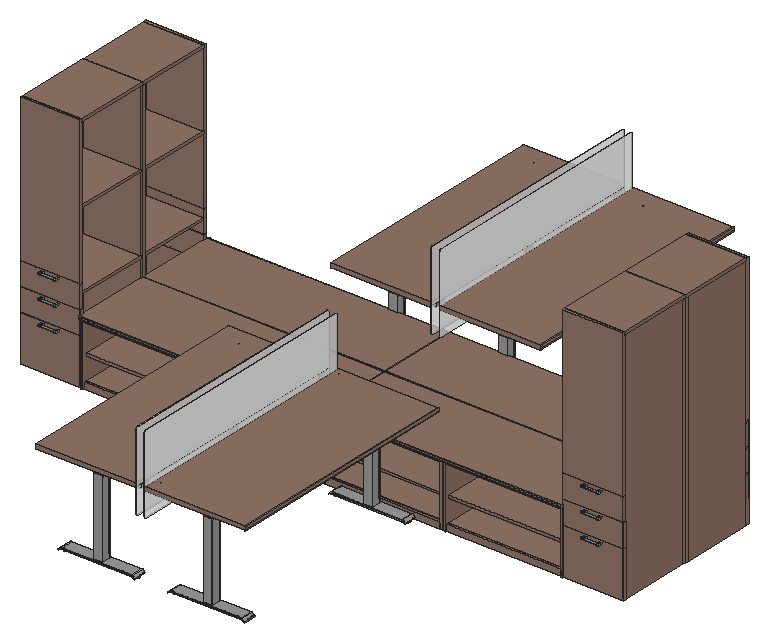
Revit family "JSI-Vision-Typical_Veneer-VST015-", category Furniture, Revit 2020 (continued)
Definition of nested family "JSI-Vision-Adjustable_Table_Standard_Range"
  Definition of nested family "Adj Base"
    Dimensions and locks (in)
      Extrusion 11 sketch curve to Extrusion 11 sketch curve to Extrusion 11 sketch curve to Extrusion 11 sketch curve to Extrusion 11 sketch curve to Extrusion 11 sketch curve to Extrusion 11 sketch curve to Extrusion 11 sketch curve = 3/32" locked, 0.59852" locked, 0.09508" locked, 3.83863" locked, 0.09508" locked, 0.59852" locked, 3/32" locked
      Extrusion 11 to Extrusion 3 to plane 5 = 5.86615" locked, 17.88976" locked
      Extrusion 2 to Extrusion 3 to plane 3 "Center (Left/Right)" = 5.86615" locked, 17.88976" locked
      Revolve 12 sketch curve to Revolve 12 sketch curve to Revolve 12 sketch curve to plane 7 = 0.1964" locked, 0.63019" locked, 0.15765" locked
      Revolve 13 sketch curve to Revolve 13 sketch curve to Revolve 13 sketch curve = 0.1964" locked, 0.63019" locked
      Revolve 13 to plane 1 "Center (Front/Back)" to Revolve 12 = 10.27547" locked, 10.27559" locked
      Revolve 14 sketch curve to Revolve 14 sketch curve to Revolve 14 sketch curve to plane 8 = 0.1964" locked, 0.63019" locked, 0.15765" locked
      Revolve 15 sketch curve to Revolve 15 sketch curve to Revolve 15 sketch curve = 0.1964" locked, 0.63019" locked
      Revolve 15 to Revolve 14 = 20.55106"
      Revolve 14 to plane 1 "Center (Front/Back)" to Revolve 15 = 10.27559" locked, 10.27547" locked
      locked: Extrusion 16 sketch curve to Extrusion 16 sketch curve at 0.62992
      Extrusion 16 sketch curve to plane 1 "Center (Front/Back)" to Extrusion 16 sketch curve = 11.14173" locked, 11.14173" locked
      "W Top": plane 3 "Center (Left/Right)" to plane 5
      locked: plane 3 "Center (Left/Right)" to plane 7 at 6.09647
      locked: plane 8 to plane 5 at 6.09647
      aligned and locked: plane 2 to level
      aligned and locked: Extrusion 7 to Extrusion 4
      aligned and locked: Extrusion 8 to Extrusion 1
      aligned and locked: Extrusion 3 sketch curve to Extrusion 3 sketch curve  (x2)
      aligned and locked: Extrusion 9 sketch curve to plane 6  (x2)
      aligned and locked: Extrusion 9 sketch curve to Extrusion 9 sketch curve  (x2)
      aligned and locked: Extrusion 2 to cut or joined group of Extrusion 9, Extrusion 10
      aligned and locked: Extrusion 10 sketch curve to Extrusion 10 sketch curve
      aligned and locked: Extrusion 11 to cut or joined group of Extrusion 9, Extrusion 10
      aligned and locked: plane 7 to Revolve 12 sketch curve
      aligned and locked: plane 8 to Revolve 14 sketch curve
      aligned and locked: curve 1 to Extrusion 4
      aligned and locked: curve 2 to Extrusion 4
      aligned and locked: curve 3 to Extrusion 4
      aligned and locked: curve 4 to Extrusion 4
      aligned and locked: curve 5 to Extrusion 6
      aligned and locked: Extrusion 6 to curve 6
      aligned and locked: curve 7 to Extrusion 6
      aligned and locked: curve 8 to Extrusion 6
      aligned and locked: curve 9 to cut or joined group of Extrusion 9, Extrusion 10
      aligned and locked: curve 10 to cut or joined group of Extrusion 9, Extrusion 10
      aligned and locked: cut or joined group of Extrusion 9, Extrusion 10 to curve 11
      aligned and locked: curve 12 to cut or joined group of Extrusion 9, Extrusion 10
      aligned and locked: curve 13 to cut or joined group of Extrusion 9, Extrusion 10
      aligned and locked: curve 14 to cut or joined group of Extrusion 9, Extrusion 10
      aligned and locked: curve 15 to cut or joined group of Extrusion 9, Extrusion 10
      aligned and locked: curve 16 to cut or joined group of Extrusion 9, Extrusion 10
      aligned and locked: Extrusion 2 to curve 31
      aligned and locked: Extrusion 2 to curve 32
      aligned and locked: Extrusion 11 to curve 31
      aligned and locked: Extrusion 11 to curve 32
      aligned and locked: Extrusion 2 to curve 33
      aligned and locked: Extrusion 2 to curve 34
      aligned and locked: Extrusion 11 to curve 33
      aligned and locked: Extrusion 11 to curve 34
    Automatic sketch dimensions
      Extrusion 3 sketch curve to Extrusion 3 sketch curve = 0.1181"  (x3)
      level to Extrusion 4 sketch curve = 1.1022"  (x2)
      Extrusion 4 sketch curve to Extrusion 4 sketch curve = 0.1607"  (x2)
      level to Extrusion 4 sketch curve = 0.99371"
      Extrusion 4 sketch curve to Extrusion 4 sketch curve = 0.07561"
      Extrusion 4 sketch curve to Extrusion 4 sketch curve = 0.08017"
      level to Extrusion 4 sketch curve = 0.99365"
      Extrusion 4 sketch curve to Extrusion 4 sketch curve = 0.09554"
      Extrusion 4 sketch curve to Extrusion 4 sketch curve = 0.01252"
      level to Extrusion 6 sketch curve = 0.4268"
      plane 1 "Center (Front/Back)" to Extrusion 6 sketch curve = 11.48879"
      level to Extrusion 6 sketch curve = 1.1022"  (x2)
      Extrusion 6 sketch curve to Extrusion 6 sketch curve = 0.1607"  (x2)
      level to Extrusion 6 sketch curve = 0.99371"
      Extrusion 6 sketch curve to Extrusion 6 sketch curve = 0.08017"
      level to Extrusion 6 sketch curve = 0.99365"
      Extrusion 6 sketch curve to Extrusion 6 sketch curve = 0.08035"
      level to Extrusion 16 sketch curve = 0.89789"
      level to Extrusion 16 sketch curve = 0.99365"
      Extrusion 16 sketch curve to Extrusion 16 sketch curve = 0.08035"
      Extrusion 16 sketch curve to Extrusion 16 sketch curve = 0.62321"
      Extrusion 16 sketch curve to Extrusion 16 sketch curve = 0.54294"
      Extrusion 16 sketch curve to Extrusion 16 sketch curve = 0.08017"
      Extrusion 16 sketch curve to Extrusion 16 sketch curve = 0.14516"  (x2)
      Extrusion 16 sketch curve to Extrusion 16 sketch curve = 0.12472"
      Extrusion 1 sketch curve to Extrusion 1 sketch curve = 0.5621"
      Extrusion 2 sketch curve to Extrusion 2 sketch curve = 0.0984"  (x4)
      Extrusion 2 sketch curve to plane 6 = 1.49606"  (x2)
      Extrusion 2 sketch curve to plane 6 = 0.21319"  (x2)
      level to Extrusion 5 sketch curve = 0.99371"
      Extrusion 5 sketch curve to Extrusion 5 sketch curve = 0.54294"
      Extrusion 5 sketch curve to Extrusion 5 sketch curve = 0.08017"
      Extrusion 5 sketch curve to Extrusion 5 sketch curve = 0.62321"
      level to Extrusion 5 sketch curve = 0.99365"
      Extrusion 5 sketch curve to Extrusion 5 sketch curve = 0.08035"
      Extrusion 5 sketch curve to Extrusion 5 sketch curve = 0.14516"  (x2)
      plane 7 to Extrusion 7 sketch curve = 1.25986"
      Extrusion 7 sketch curve to Extrusion 7 sketch curve = 0.09843"  (x4)
      Extrusion 7 sketch curve to plane 7 = 1.25982"
      plane 8 to Extrusion 7 sketch curve = 1.35825"
      Extrusion 7 sketch curve to plane 8 = 1.25986"
      plane 7 to Extrusion 8 sketch curve = 1.07285"
      Extrusion 8 sketch curve to Extrusion 8 sketch curve = 0.09843"  (x3)
      Extrusion 8 sketch curve to plane 7 = 1.07282"
      plane 8 to Extrusion 8 sketch curve = 1.17124"
      Extrusion 8 sketch curve to plane 8 = 1.14171"
      Extrusion 8 sketch curve to Extrusion 8 sketch curve = 0.07412"
      plane 1 "Center (Front/Back)" to Extrusion 8 sketch curve = 1.17126"
      Extrusion 8 sketch curve to plane 1 "Center (Front/Back)" = 1.02828"
      Extrusion 9 sketch curve to Extrusion 9 sketch curve = 0.00029"  (x2)
      Extrusion 10 sketch curve to plane 6 = 0.86607"  (x2)
      Extrusion 10 sketch curve to Extrusion 10 sketch curve = 0.09543"
      Extrusion 10 sketch curve to plane 6 = 2.12599"  (x2)
      Extrusion 10 sketch curve to Extrusion 10 sketch curve = 0.2863"
      plane 1 "Center (Front/Back)" to Extrusion 11 sketch curve = 2.70667"
      Extrusion 11 sketch curve to Extrusion 11 sketch curve = 3/32"
      Extrusion 11 sketch curve to Extrusion 11 sketch curve = 0.0984"  (x2)
      Extrusion 11 sketch curve to Extrusion 11 sketch curve = 0.09389"
      Extrusion 11 sketch curve to plane 6 = 0.11811"  (x2)
      Extrusion 11 sketch curve to Extrusion 11 sketch curve = 1.18447"
      Extrusion 11 sketch curve to Extrusion 11 sketch curve = 1.1858"
      plane 7 to Revolve 12 sketch curve = 0"
      Revolve 12 sketch curve to level = 0"
      level to Revolve 12 sketch curve = 0.19657"
      Revolve 12 sketch curve to Revolve 12 sketch curve = 0.1964"
      Revolve 12 sketch curve to Revolve 12 sketch curve = 0.55192"
      Revolve 12 sketch curve to Revolve 12 sketch curve = 0.16385"
      Revolve 12 sketch curve to Revolve 12 sketch curve = 0.05111"
      plane 7 to Revolve 13 sketch curve = 0"  (x2)
      plane 7 to Revolve 13 sketch curve = 0.15765"
      Revolve 13 sketch curve to level = 0"
      level to Revolve 13 sketch curve = 0.19657"
      Revolve 13 sketch curve to Revolve 13 sketch curve = 0.1964"
      Revolve 13 sketch curve to Revolve 13 sketch curve = 0.55192"
      Revolve 13 sketch curve to Revolve 13 sketch curve = 0.16385"
      Revolve 13 sketch curve to Revolve 13 sketch curve = 0.05111"
      Revolve 14 sketch curve to level = 0"
      plane 8 to Revolve 14 sketch curve = 0"
      level to Revolve 14 sketch curve = 0.19657"
      Revolve 14 sketch curve to Revolve 14 sketch curve = 0.1964"
      Revolve 14 sketch curve to Revolve 14 sketch curve = 0.55192"
      Revolve 14 sketch curve to Revolve 14 sketch curve = 0.16385"
      Revolve 14 sketch curve to Revolve 14 sketch curve = 0.05111"
      Revolve 15 sketch curve to level = 0"
      plane 8 to Revolve 15 sketch curve = 0"  (x2)
      plane 8 to Revolve 15 sketch curve = 0.15765"
      level to Revolve 15 sketch curve = 0.19657"
      Revolve 15 sketch curve to Revolve 15 sketch curve = 0.1964"
      Revolve 15 sketch curve to Revolve 15 sketch curve = 0.55192"
      Revolve 15 sketch curve to Revolve 15 sketch curve = 0.16385"
      Revolve 15 sketch curve to Revolve 15 sketch curve = 0.05111"
      plane 7 to curve 3 = 1.81102"
      plane 1 "Center (Front/Back)" to curve 28 = 1.91932"
      plane 1 "Center (Front/Back)" to curve 20 = 1.91932"
      curve 30 to plane 8 = 1.91634"
      curve 28 to curve 26 = 0.78735"
      curve 22 to curve 20 = 0.78735"
      curve 18 to plane 1 "Center (Front/Back)" = 1.91932"
      curve 23 to plane 1 "Center (Front/Back)" = 1.91932"
      curve 23 to curve 23 = 0.78735"
      curve 18 to curve 17 = 0.78735"
      curve 24 to curve 25 = 0"
      plane 1 "Center (Front/Back)" to curve 34 = 2.6279"
      plane 1 "Center (Front/Back)" to curve 33 = 2.03689"
      curve 22 to curve 20 = 0.78554"
      curve 23 to curve 32 = 0.1185"
      curve 31 to curve 17 = 0.07868"
      curve 6 to curve 13 = 0"
      curve 9 to curve 4 = 0"
Definition of nested family "JSI-Vision-Lok_Frosted_Acrylic_Privacy_Screen"
  Parameters (values of type "LK-PSP-7224A, Lok Frosted Acrylic Privacy Screen - 72w x 23 3/4h")
    Width = 72"
    URL = "www.jsifurniture.com"
    Type Comments = ""
    Series = "Vision Casegoods"  # constant formula
    Model = "LK-PSP-7224A"
    Material = ""
    Manufacturer = "JSI"  # constant formula
    Keynote = "12500"
    JSI Enviromental Website = "http://www.jsifurniture.com/jsi_sustainability_intro.php"
    Height = 23 3/4"
    Description = "Lok Frosted Acrylic Privacy Screen - 72w x 23 3/4h"
    Depth = 1/4"
    Acrylic Finish = none
    Default Elevation = 0"
    Bracket Finish = none
    Assembly Code = "E2020200"
  Types (3): name | Width | Model | Description
    LK-PSP-4824A, Lok Frosted Acrylic Privacy Screen - 48w x 23 3/4h | 48" | "LK-PSP-4824A" | "Lok Frosted Acrylic Privacy Screen - 48w x 23 3/4h"
    LK-PSP-6024A, Lok Frosted Acrylic Privacy Screen - 60w x 23 3/4h | 60" | "LK-PSP-6024A" | "Lok Frosted Acrylic Privacy Screen - 60w x 23 3/4h"
    LK-PSP-7224A, Lok Frosted Acrylic Privacy Screen - 72w x 23 3/4h | 72" | "LK-PSP-7224A" | "Lok Frosted Acrylic Privacy Screen - 72w x 23 3/4h"
  Reference planes (in)
    plane 1 "Center Front/Back": y = 0
    plane 2: z = 0
    plane 3 "Center Left/Right": x = 0
    plane 4: z = 0
    plane 5: z = 30
    plane 6: x = 72
    plane 7: y = 0.25
    plane 8: x = 1.4375
    plane 9: x = 4.1875
    plane 10: x = 36
    plane 11: x = 70.5625
    plane 12: x = 67.8125
    plane 13: x = 34.62504
    plane 14: x = 37.37496
    plane 15: z = 21.63
    plane 16: z = 45.38
    plane 17: y = 0.6437
  Forms (in)
    Extrusion 1, solid, material <- "Acrylic Finish"
      sketch origin (0, 0, 0) x (1, 0, 0) y (0, 0, 1)
        loop
          arc (0.75, 45.38) -> (0.21967, 45.16033) -> (0, 44.63) r 0.75
          line (0, 44.63) -> (0, 22.38)
          arc (0, 22.38) -> (0.21967, 21.84967) -> (0.75, 21.63) r 0.75
          line (0.75, 21.63) -> (71.25, 21.63)
          arc (71.25, 21.63) -> (71.78033, 21.84967) -> (72, 22.38) r 0.75
          line (72, 22.38) -> (72, 44.63)
          arc (72, 44.63) -> (71.78033, 45.16033) -> (71.25, 45.38) r 0.75
          line (71.25, 45.38) -> (0.75, 45.38)
      from -0.25 to 0
    Extrusion 2, solid, material <- "Bracket Finish"
      sketch origin (0, 0, 0) x (0, 1, 0) y (0, 0, 1)
        loop
          line (-1.5, 30.13) -> (-1.5, 30) -> (-0.13, 30) -> (-0.13, 28.63) -> (0, 28.63) -> (0, 30.13) -> (-1.5, 30.13)
      from 1.4375 to 4.1875
    Extrusion 3, solid, material <- "Bracket Finish"
      sketch origin (12.75, 0, 0) x (0, 1, 0) y (0, 0, 1)
        loop
          line (-1.5, 30.13) -> (-1.5, 30) -> (-0.13, 30) -> (-0.13, 28.63) -> (0, 28.63) -> (0, 30.13) -> (-1.5, 30.13)
      from 21.87504 to 24.62496
    Extrusion 4, solid, material <- "Bracket Finish"
      sketch origin (44, 0, 0) x (0, 1, 0) y (0, 0, 1)
        loop
          line (-1.5, 30.13) -> (-1.5, 30) -> (-0.13, 30) -> (-0.13, 28.63) -> (0, 28.63) -> (0, 30.13) -> (-1.5, 30.13)
      from 23.8125 to 26.5625
    Extrusion 5, solid, material <- "Bracket Finish"
      sketch origin (0, 6, 0) x (1, 0, 0) y (0, 0, 1)
        loop
          arc (1.5, 29.76683) -> (1.45581, 29.74852) -> (1.4375, 29.70433) r 0.0625
          line (1.4375, 29.70433) -> (1.4375, 28.8057)
          arc (1.4375, 28.8057) -> (1.45581, 28.76151) -> (1.5, 28.7432) r 0.0625
          line (1.5, 28.7432) -> (4.125, 28.7432)
          arc (4.125, 28.7432) -> (4.16919, 28.76151) -> (4.1875, 28.8057) r 0.0625
          line (4.1875, 28.8057) -> (4.1875, 29.70433)
          arc (4.1875, 29.70433) -> (4.16919, 29.74852) -> (4.125, 29.76683) r 0.0625
          line (4.125, 29.76683) -> (1.5, 29.76683)
        loop
          arc (34.68746, 29.76683) -> (34.64327, 29.74852) -> (34.62496, 29.70433) r 0.0625
          line (34.62496, 29.70433) -> (34.62496, 28.8057)
          arc (34.62496, 28.8057) -> (34.64327, 28.76151) -> (34.68746, 28.7432) r 0.0625
          line (34.68746, 28.7432) -> (37.31246, 28.7432)
          arc (37.31246, 28.7432) -> (37.35666, 28.76151) -> (37.37496, 28.8057) r 0.0625
          line (37.37496, 28.8057) -> (37.37496, 29.70433)
          arc (37.37496, 29.70433) -> (37.35666, 29.74852) -> (37.31246, 29.76683) r 0.0625
          line (37.31246, 29.76683) -> (34.68746, 29.76683)
        loop
          arc (67.875, 29.76683) -> (67.83081, 29.74852) -> (67.8125, 29.70433) r 0.0625
          line (67.8125, 29.70433) -> (67.8125, 28.8057)
          arc (67.8125, 28.8057) -> (67.83081, 28.76151) -> (67.875, 28.7432) r 0.0625
          line (67.875, 28.7432) -> (70.5, 28.7432)
          arc (70.5, 28.7432) -> (70.54419, 28.76151) -> (70.5625, 28.8057) r 0.0625
          line (70.5625, 28.8057) -> (70.5625, 29.70433)
          arc (70.5625, 29.70433) -> (70.54419, 29.74852) -> (70.5, 29.76683) r 0.0625
          line (70.5, 29.76683) -> (67.875, 29.76683)
      from 5.3563 to 5.75
  Lines and regions (in)
    symbolic lines
      curve 1: line (0, 0.25, 0) -> (72, 0.25, 0)
      curve 2: line (0, 0, 0) -> (0, 0.25, 0)
      curve 3: line (72, 0, 0) -> (0, 0, 0)
      curve 4: line (72, 0.25, 0) -> (72, 0, 0)
      curve 5: line (1.4375, 0.6437, 0) -> (4.1875, 0.6437, 0)
      curve 6: line (1.4375, 0.6437, 0) -> (1.4375, 0.25, 0)
      curve 7: line (4.1875, 0.6437, 0) -> (4.1875, 0.25, 0)
      curve 8: line (34.62504, 0.6437, 0) -> (37.37496, 0.6437, 0)
      curve 9: line (34.62504, 0.6437, 0) -> (34.62504, 0.25, 0)
      curve 10: line (37.37496, 0.6437, 0) -> (37.37496, 0.25, 0)
      curve 11: line (67.8125, 0.6437, 0) -> (70.5625, 0.6437, 0)
      curve 12: line (67.8125, 0.6437, 0) -> (67.8125, 0.25, 0)
      curve 13: line (70.5625, 0.6437, 0) -> (70.5625, 0.25, 0)
    symbolic lines, detail levels medium+fine
      curve 14: line (1.4375, -1.5, 0) -> (4.1875, -1.5, 0)
      curve 15: line (1.4375, 0, 0) -> (1.4375, -1.5, 0)
      curve 16: line (4.1875, -1.5, 0) -> (4.1875, 0, 0)
      curve 17: line (34.62504, -1.5, 0) -> (37.37496, -1.5, 0)
      curve 18: line (34.62504, 0, 0) -> (34.62504, -1.5, 0)
      curve 19: line (37.37496, -1.5, 0) -> (37.37496, 0, 0)
      curve 20: line (67.8125, -1.5, 0) -> (70.5625, -1.5, 0)
      curve 21: line (67.8125, 0, 0) -> (67.8125, -1.5, 0)
      curve 22: line (70.5625, -1.5, 0) -> (70.5625, 0, 0)
  Dimensions and locks (in)
    plane 5 to plane 4 = 30"
    locked: plane 7 to plane 1 "Center Front/Back" at 0.25
    "Width": plane 3 "Center Left/Right" to plane 6
    equal spacing: plane 3 "Center Left/Right", plane 10, plane 6
    plane 3 "Center Left/Right" to plane 8 to plane 9 = 1 7/16" locked, 2 3/4" locked
    plane 12 to plane 11 to plane 6 = 2 3/4" locked, 1 7/16" locked
    plane 13 to plane 10 to plane 14 = 1.37496" locked, 1.37496" locked
    locked: plane 5 to plane 15 at 8.37
    locked: plane 16 to plane 5 at 15.38
    locked: Extrusion 1 sketch curve to plane 3 "Center Left/Right" at 0.75  (x2)
    locked: plane 16 to Extrusion 1 sketch curve at 0.75  (x2)
    locked: Extrusion 1 sketch curve to plane 6 at 0.75  (x2)
    locked: Extrusion 1 sketch curve to plane 15 at 0.75  (x2)
    Extrusion 5 sketch curve to Extrusion 5 sketch curve to Extrusion 5 sketch curve to Extrusion 5 sketch curve to plane 8 = 0" locked, 2 5/8" locked, 0" locked, 1/16" locked
    plane 13 to Extrusion 5 sketch curve to Extrusion 5 sketch curve = 0.06242" locked, 0" locked
    plane 14 to Extrusion 5 sketch curve to Extrusion 5 sketch curve = 1/16" locked, 0" locked
    Extrusion 5 sketch curve to Extrusion 5 sketch curve to plane 12 = 0" locked, 1/16" locked
    plane 11 to Extrusion 5 sketch curve to Extrusion 5 sketch curve = 1/16" locked, 0" locked
    locked: plane 17 to plane 7 at 0.3937
    aligned and locked: level to plane 2
    aligned and locked: plane 3 "Center Left/Right" to Extrusion 1 sketch curve
    aligned and locked: plane 6 to Extrusion 1 sketch curve
    aligned and locked: Extrusion 1 sketch curve to plane 16
    aligned and locked: plane 15 to Extrusion 1 sketch curve
    aligned and locked: plane 7 to Extrusion 1
    aligned and locked: plane 1 "Center Front/Back" to Extrusion 1
    aligned and locked: Extrusion 2 to plane 9
    aligned and locked: plane 8 to Extrusion 2
    aligned and locked: plane 14 to Extrusion 3
    aligned and locked: plane 13 to Extrusion 3
    aligned and locked: plane 11 to Extrusion 4
    aligned and locked: Extrusion 4 to plane 12
    aligned and locked: Extrusion 5 sketch curve to plane 8
    aligned and locked: plane 9 to Extrusion 5 sketch curve
    aligned and locked: Extrusion 5 to plane 7
    aligned and locked: plane 17 to Extrusion 5
    aligned and locked: plane 3 "Center Left/Right" to curve 2
    aligned and locked: curve 3 to plane 1 "Center Front/Back"
    aligned and locked: curve 1 to plane 7
    aligned and locked: plane 6 to curve 4
    aligned and locked: plane 8 to curve 5
    aligned and locked: plane 9 to curve 5
    aligned and locked: curve 5 to plane 17
    aligned and locked: plane 7 to curve 6
    aligned and locked: plane 17 to curve 7
    aligned and locked: plane 13 to curve 8
    aligned and locked: curve 8 to plane 17
    aligned and locked: curve 10 to plane 14
    aligned and locked: plane 12 to curve 11
    aligned and locked: plane 11 to curve 11
    aligned and locked: curve 11 to plane 17
    aligned and locked: plane 17 to curve 13
    aligned and locked: curve 14 to Extrusion 2
    aligned and locked: curve 15 to Extrusion 2
    aligned and locked: curve 16 to Extrusion 2
    aligned and locked: curve 17 to Extrusion 3
    aligned and locked: curve 18 to Extrusion 3
    aligned and locked: curve 19 to Extrusion 3
    aligned and locked: curve 20 to Extrusion 4
    aligned and locked: curve 21 to Extrusion 4
    aligned and locked: curve 22 to Extrusion 4
  Automatic sketch dimensions
    Extrusion 2 sketch curve to plane 5 = 0"
    Extrusion 2 sketch curve to plane 1 "Center Front/Back" = 0"
    plane 1 "Center Front/Back" to Extrusion 2 sketch curve = 0.13"
    Extrusion 2 sketch curve to Extrusion 2 sketch curve = 1.37"  (x2)
    plane 5 to Extrusion 2 sketch curve = 0.13"
    Extrusion 3 sketch curve to plane 5 = 0"
    Extrusion 3 sketch curve to plane 1 "Center Front/Back" = 0"
    Extrusion 3 sketch curve to Extrusion 3 sketch curve = 0.13"
    Extrusion 3 sketch curve to Extrusion 3 sketch curve = 1.37"
    Extrusion 3 sketch curve to plane 5 = 1.37"
    plane 5 to Extrusion 3 sketch curve = 0.13"
    Extrusion 4 sketch curve to plane 5 = 0"
    Extrusion 4 sketch curve to plane 1 "Center Front/Back" = 0"
    Extrusion 4 sketch curve to Extrusion 4 sketch curve = 0.13"
    Extrusion 4 sketch curve to Extrusion 4 sketch curve = 1.37"
    Extrusion 4 sketch curve to plane 5 = 1.37"
    plane 5 to Extrusion 4 sketch curve = 0.13"
    Extrusion 5 sketch curve to plane 14 = 0"
    Extrusion 5 sketch curve to plane 12 = 0"
    Extrusion 5 sketch curve to plane 11 = 0"
    plane 13 to Extrusion 5 sketch curve = 0.00008"
    Extrusion 5 sketch curve to plane 5 = 1.2568"  (x3)
    Extrusion 5 sketch curve to plane 5 = 0.29567"  (x3)
